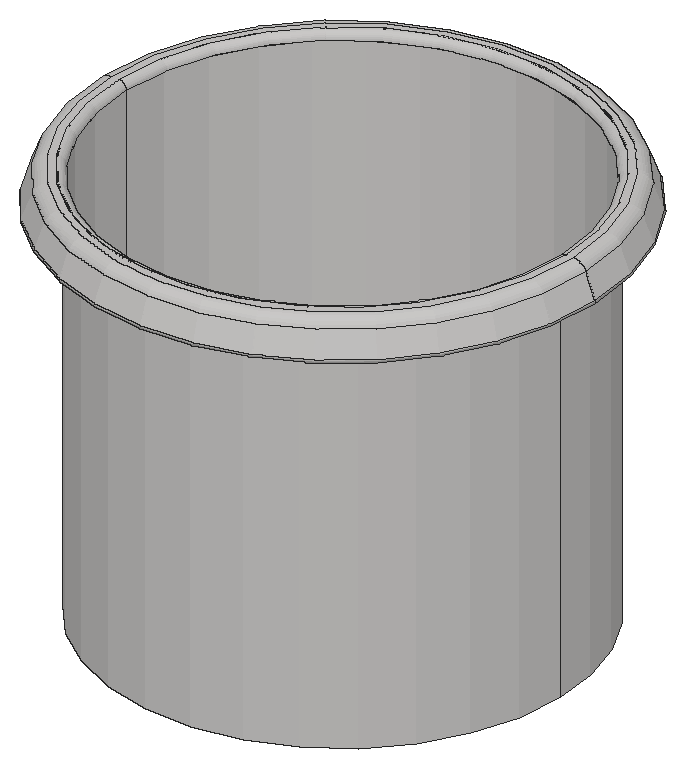
Revit family "rba-bim-B529", category Plumbing Fixtures, host Face, Revit 2018
Family settings
  Host = Face
  Round Connector Dimension = Use Diameter
  Part Type = Normal
  Cut with Voids When Loaded = No
  Shared = Yes
  Room Calculation Point = No
Parameters (values of type "B-529")
  Waste Connection = no
  WFU = 0
  Vent Connection = no
  URL = "http://www.bobrick.com/"
  Type Comments = ""
  Product Page URL = "http://www.bobrick.com/washroomaccessories/Pages/ProductDetails.aspx?Product+Number=B-529"
  Product Documentation Link = "http://www.bobrick.com/Documents/B-529_td.pdf"
  Price = "Prices may vary. Please consult Manufacturer Representative for most up-to-date price list."  # constant formula
  Phone Number = "416-250-5656"  # constant formula
  Modified Issue = "20220323.01"
  Model = "B529"
  Materials and Finishes = Polished Finish Stainless Steel
  Manufacturer = "Bobrick Washroom Equipment, Inc."
  Length = 139.7 mm
  Installation Type = "Counter Mounted"
  Height = 127 mm
  HWFU = 0
  HW Connection = no
  Description = "Circular Waste Chute for Mounting in Countertops"
  Default Elevation = 0 mm
  Creation Date = "12/23/2014"  # constant formula
  Created By = "Allied Technical Services"  # constant formula
  Copyright by = "RBA Group"  # constant formula
  CWFU = 0
  CW Connection = no
  Assembly Code = "E1090100"
  ATS URL = "http://www.atsspec.net"
Reference planes
  plane 1 "Center (Front/Back)": y = 0
  plane 2: z = 0
  plane 3 "Center (Left/Right)": x = 0
  plane 4: y = 69.85
  plane 5: y = -69.85
  plane 6: x = 69.85
  plane 7: x = -69.85
  plane 8: z = 11.112
  plane 9: y = 80.962
  plane 10: y = -80.963
  plane 11: z = -115.888
  plane 12: x = -80.606
  plane 13: x = 80.606
Forms (mm)
  Sweep 1, solid, material "Polished Finish Stainless Steel"
    path origin (0, 0, 0) x (1, 0, 0) y (0, 1, 0)
      loop
        circle (0, 0) r 69.85
    profile origin (0, 69.85, 0) x (0, -1, 0) y (0, 0, 1)
      loop
        line (0, -115.887) -> (0.794, -115.887) -> (0.794, 8.653)
        arc (0.794, 8.653) -> (0.073, 10.392) -> (-1.665, 11.113) r 2.459
        line (-1.665, 11.113) -> (-3.927, 11.113)
        arc (-3.927, 11.113) -> (-6.333, 10.365) -> (-7.893, 8.387) r 4.248
        line (-7.893, 8.387) -> (-10.699, 1.078)
        arc (-10.699, 1.078) -> (-10.612, 0.344) -> (-9.958, 0) r 0.794
        line (-9.958, 0) -> (0, 0) -> (0, -115.887)
  Extrusion 2, void
    sketch origin (0, 0, 0) x (1, 0, 0) y (0, 1, 0)
      loop
        circle (0, 0) r 76.2
    from -115.887 to 5.477
  Extrusion 3, solid, material "Polished Finish Stainless Steel"
    sketch origin (0, 0, 0) x (1, 0, 0) y (0, 1, 0)
      loop
        circle (0, 0) r 69.85
    from -115.887 to -115.094
Cuts and joins
  joined: Sweep 1, Extrusion 3
Lines and regions (mm)
  Masking region 1
    outline origin (0, 0, 0) x (0, 1, 0) y (0, 0, 1)
      loop
        arc (79.812, 0) -> (80.466, 0.344) -> (80.553, 1.078) r 0.794
        line (80.553, 1.078) -> (77.749, 8.382)
        arc (77.749, 8.382) -> (76.187, 10.364) -> (73.776, 11.112) r 4.256
        line (73.776, 11.112) -> (-73.77, 11.112)
        arc (-73.77, 11.112) -> (-76.18, 10.364) -> (-77.743, 8.382) r 4.256
        line (-77.743, 8.382) -> (-80.547, 1.078)
        arc (-80.547, 1.078) -> (-80.46, 0.344) -> (-79.806, 0) r 0.794
        line (-79.806, 0) -> (79.812, 0)
  Masking region 2
    outline origin (0, 0, 0) x (1, 0, 0) y (0, 0, 1)
      loop
        line (-79.813, 0) -> (79.802, 0)
        arc (79.802, 0) -> (80.456, 0.344) -> (80.543, 1.078) r 0.794
        line (80.543, 1.078) -> (77.738, 8.384)
        arc (77.738, 8.384) -> (76.177, 10.365) -> (73.768, 11.113) r 4.252
        line (73.768, 11.113) -> (-73.78, 11.113)
        arc (-73.78, 11.113) -> (-76.188, 10.365) -> (-77.749, 8.384) r 4.252
        line (-77.749, 8.384) -> (-80.554, 1.078)
        arc (-80.554, 1.078) -> (-80.467, 0.344) -> (-79.813, 0) r 0.794
  Masking region 3
    outline origin (0, 0, 0) x (1, 0, 0) y (0, 1, 0)
      loop
        circle (0, 0) r 80.962
  symbolic lines, detail levels medium+fine
    curve 1: circle (0, 0, 0) r 69.056 normal (0, 0, 1)
Dimensions and locks
  plane 7 to plane 6 = 139.7 mm
  "Height": plane 8 to plane 11
  plane 8 to host face = 11.113 mm
  "Length": plane 4 to plane 5
  aligned and locked: plane 2 to host face
  aligned and locked: level to host face
  aligned and locked: Extrusion 3 to plane 11
Automatic sketch dimensions
  plane 1 "Center (Front/Back)" to curve 1 = 0 mm
  curve 1 to plane 3 "Center (Left/Right)" = 0 mm
  host sketch curve to host sketch curve = 2438.4 mm  (x2)
  plane 1 "Center (Front/Back)" to Sweep 1 sketch curve = 0 mm
  Sweep 1 sketch curve to plane 3 "Center (Left/Right)" = 0 mm
  Sweep 1 sketch curve to level = 0 mm
  Sweep 1 sketch curve to profile plane = 0 mm
  profile plane to Sweep 1 sketch curve = 1.665 mm
  Sweep 1 sketch curve to Sweep 1 sketch curve = 2.262 mm
  Sweep 1 sketch curve to Sweep 1 sketch curve = 3.966 mm
  Sweep 1 sketch curve to Sweep 1 sketch curve = 2.065 mm
  Sweep 1 sketch curve to Sweep 1 sketch curve = 0.741 mm
  Sweep 1 sketch curve to profile plane = 0.794 mm
  Sweep 1 sketch curve to Sweep 1 sketch curve = 115.887 mm
  level to Sweep 1 sketch curve = 0.794 mm
  level to Sweep 1 sketch curve = 6.865 mm
  Sweep 1 sketch curve to Sweep 1 sketch curve = 1.522 mm
  plane 1 "Center (Front/Back)" to Extrusion 2 sketch curve = 0 mm
  Extrusion 2 sketch curve to plane 3 "Center (Left/Right)" = 0 mm
  plane 1 "Center (Front/Back)" to Extrusion 3 sketch curve = 0 mm
  Extrusion 3 sketch curve to plane 3 "Center (Left/Right)" = 0 mm
  Masking region 1 sketch curve to level = 0 mm
  Masking region 1 sketch curve to plane 8 = 0 mm
  Masking region 1 sketch curve to plane 10 = 0.416 mm
  Masking region 1 sketch curve to plane 10 = 1.157 mm
  Masking region 1 sketch curve to plane 10 = 3.22 mm
  plane 5 to Masking region 1 sketch curve = 3.92 mm
  Masking region 1 sketch curve to plane 4 = 3.926 mm
  Masking region 1 sketch curve to plane 8 = 2.731 mm
  Masking region 1 sketch curve to plane 9 = 3.213 mm
  Masking region 1 sketch curve to plane 9 = 1.151 mm
  Masking region 1 sketch curve to plane 9 = 0.41 mm
  Masking region 1 sketch curve to Masking region 1 sketch curve = 0.794 mm  (x2)
  Masking region 1 sketch curve to Masking region 1 sketch curve = 4.256 mm
  Masking region 2 sketch curve to level = 0 mm
  Masking region 2 sketch curve to plane 8 = 0 mm
  level to Masking region 2 sketch curve = 1.078 mm  (x2)
  Masking region 2 sketch curve to plane 7 = 10.704 mm
  Masking region 2 sketch curve to Masking region 2 sketch curve = 0.741 mm  (x2)
  Masking region 2 sketch curve to plane 8 = 2.728 mm  (x2)
  Masking region 2 sketch curve to Masking region 2 sketch curve = 2.805 mm
  Masking region 2 sketch curve to plane 7 = 3.93 mm
  plane 6 to Masking region 2 sketch curve = 3.918 mm
  Masking region 2 sketch curve to Masking region 2 sketch curve = 3.97 mm
  Masking region 2 sketch curve to Masking region 2 sketch curve = 2.064 mm
  plane 1 "Center (Front/Back)" to Masking region 3 sketch curve = 0 mm
  Masking region 3 sketch curve to plane 3 "Center (Left/Right)" = 0 mm
  radius of curve 1 = 69.056 mm
  radius of Sweep 1 sketch curve = 69.85 mm
  radius of Extrusion 2 sketch curve = 76.2 mm
  radius of Extrusion 3 sketch curve = 69.85 mm
  radius of Masking region 3 sketch curve = 80.962 mm
